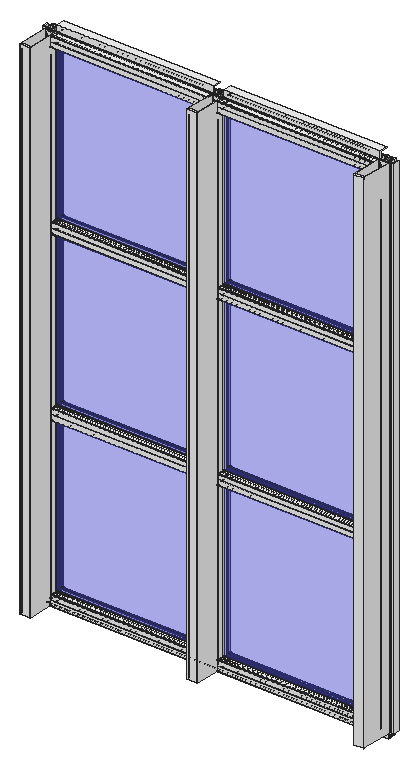
Revit family "Facade_60_Curtain_Wall_S23_Custom", category Windows, host Wall, Revit 2014 (continued)
Definition of nested family "F60 Horizontal Profile Middle_S23_Cust"
  Forms (mm)
    Extrusion 5, solid, material <- "Thermal Break Material", visible <- "Single Glazing"
      sketch origin (0, 0, 0) x (0, 1, 0) y (0, 0, 1)
        loop
          line (-47.528, 31.351) -> (-49.599, 32.353) -> (-59.3, 32.353) -> (-59.3, 34.251)
          arc (-59.3, 34.251) -> (-59.446, 34.604) -> (-59.8, 34.751) r 0.5
          line (-59.8, 34.751) -> (-63.3, 34.751)
          arc (-63.3, 34.751) -> (-63.654, 34.604) -> (-63.8, 34.251) r 0.5
          line (-63.8, 34.251) -> (-63.8, 32.328) -> (-62.4, 31.52) -> (-62.4, 28.483) -> (-63.8, 27.673) -> (-63.8, 25.751)
        loop
          line (-59.794, 28.506) -> (-59.006, 29.294)
          arc (-59.006, 29.294) -> (-58.788, 29.618) -> (-58.713, 30.001) r 0.986
          arc (-58.713, 30.001) -> (-58.79, 30.384) -> (-59.008, 30.71) r 1.007
          line (-59.008, 30.71) -> (-59.794, 31.496) -> (-60.65, 31.496)
          arc (-60.65, 31.496) -> (-61.004, 31.349) -> (-61.15, 30.996) r 0.5
          line (-61.15, 30.996) -> (-61.15, 29.006)
          arc (-61.15, 29.006) -> (-61.004, 28.652) -> (-60.65, 28.506) r 0.5
          line (-60.65, 28.506) -> (-59.794, 28.506)
        loop
          line (-47.854, 30.898) -> (-49.415, 31.653) -> (-56.782, 31.653)
          arc (-56.782, 31.653) -> (-57.207, 31.417) -> (-57.23, 30.932) r 0.5
          arc (-57.23, 30.932) -> (-57.013, 30.001) -> (-57.23, 29.07) r 2.099
          arc (-57.23, 29.07) -> (-57.207, 28.584) -> (-56.782, 28.348) r 0.5
          line (-56.782, 28.348) -> (-49.415, 28.348) -> (-48.055, 29.007)
          arc (-48.055, 29.007) -> (-47.35, 29.888) -> (-47.854, 30.898) r 1.047
      from 0 to 250 <- "Length"
    Extrusion 6, solid, material <- "Profile Material", visible <- "Single Glazing"
      sketch origin (0, 0, 0) x (0, 1, 0) y (0, 0, 1)
        loop
          line (-63.8, 52.694) -> (-64.8, 52.694) -> (-64.8, 51.544) -> (-66.05, 51.544) -> (-66.05, 57.044) -> (-64.8, 57.044) -> (-64.8, 55.894) -> (-63.8, 55.894) -> (-63.8, 58.294)
          arc (-63.8, 58.294) -> (-64.082, 58.803) -> (-64.664, 58.835) r 0.6
          line (-64.664, 58.835) -> (-66.562, 57.91) -> (-67.088, 58.988) -> (-68.05, 58.519) -> (-68.05, 48.513)
          arc (-68.05, 48.513) -> (-67.874, 48.089) -> (-67.45, 47.913) r 0.6
          line (-67.45, 47.913) -> (-66.6, 47.913) -> (-66.6, 12.09) -> (-67.45, 12.09)
          arc (-67.45, 12.09) -> (-67.874, 11.914) -> (-68.05, 11.49) r 0.6
          line (-68.05, 11.49) -> (-68.05, 1.485) -> (-67.088, 1.016) -> (-66.562, 2.095) -> (-64.663, 1.169)
          arc (-64.663, 1.169) -> (-64.082, 1.2) -> (-63.8, 1.709) r 0.6
          line (-63.8, 1.709) -> (-63.8, 4.109) -> (-64.8, 4.109) -> (-64.8, 2.959) -> (-66.05, 2.959) -> (-66.05, 8.459) -> (-64.8, 8.459) -> (-64.8, 7.309) -> (-63.8, 7.309) -> (-63.8, 27.674) -> (-62.4, 28.483) -> (-62.4, 31.521) -> (-63.8, 32.329) -> (-63.8, 52.694)
      from 0 to 250 <- "Length"
    Extrusion 7, solid, material <- "Profile Material", visible <- "Single Glazing"
      sketch origin (0, 0, 0) x (0, 1, 0) y (0, 0, 1)
        loop
          line (-68.551, 3.3) -> (-76.559, 3.3) -> (-76.559, 30) -> (-76.559, 56.15)
          arc (-76.559, 56.15) -> (-75.739, 58.13) -> (-73.759, 58.95) r 2.8
          line (-73.759, 58.95) -> (-69.151, 58.95) -> (-69.151, 57.2)
          arc (-69.151, 57.2) -> (-68.987, 56.829) -> (-68.601, 56.703) r 0.5
          arc (-68.601, 56.703) -> (-68.216, 56.829) -> (-68.051, 57.2) r 0.5
          line (-68.051, 57.2) -> (-68.051, 58.517) -> (-67.089, 58.986) -> (-66.563, 57.907) -> (-63.866, 59.222)
          arc (-63.866, 59.222) -> (-64.001, 59.762) -> (-64.504, 60) r 0.65
          line (-64.504, 60) -> (-73.859, 60)
          arc (-73.859, 60) -> (-76.687, 58.828) -> (-77.859, 56) r 4
          line (-77.859, 56) -> (-77.859, 30) -> (-77.859, 2.493)
          arc (-77.859, 2.493) -> (-77.197, 0.799) -> (-75.562, 0.002) r 2.5
          arc (-75.562, 0.002) -> (-75.182, 0.132) -> (-75.021, 0.5) r 0.5
          line (-75.021, 0.5) -> (-75.021, 2) -> (-69.151, 2) -> (-69.151, 0.5)
          arc (-69.151, 0.5) -> (-69.005, 0.146) -> (-68.651, 0) r 0.5
          line (-68.651, 0) -> (-64.504, 0)
          arc (-64.504, 0) -> (-64.001, 0.238) -> (-63.866, 0.778) r 0.65
          line (-63.866, 0.778) -> (-66.563, 2.093) -> (-67.089, 1.014) -> (-68.051, 1.483) -> (-68.051, 2.8)
          arc (-68.051, 2.8) -> (-68.198, 3.154) -> (-68.551, 3.3) r 0.5
      from 0 to 250 <- "Length"
    Extrusion 8, solid, material <- "Thermal Break Material", visible <- "Double Glazing"
      sketch origin (0, 0, 0) x (0, 1, 0) y (0, 0, 1)
        loop
          line (-77.8, 27.673) -> (-77.8, 25.751)
          arc (-77.8, 25.751) -> (-77.654, 25.397) -> (-77.3, 25.251) r 0.5
          line (-77.3, 25.251) -> (-59.8, 25.251)
          arc (-59.8, 25.251) -> (-59.446, 25.397) -> (-59.3, 25.751) r 0.5
          line (-59.3, 25.751) -> (-59.3, 27.647) -> (-49.599, 27.647) -> (-47.528, 28.649)
          arc (-47.528, 28.649) -> (-46.803, 29.999) -> (-47.528, 31.349) r 1.62
          line (-47.528, 31.349) -> (-49.602, 32.353) -> (-59.3, 32.353) -> (-59.3, 34.251)
          arc (-59.3, 34.251) -> (-59.446, 34.604) -> (-59.8, 34.751) r 0.5
          line (-59.8, 34.751) -> (-77.3, 34.751)
          arc (-77.3, 34.751) -> (-77.654, 34.604) -> (-77.8, 34.251) r 0.5
          line (-77.8, 34.251) -> (-77.8, 32.327) -> (-76.4, 31.52) -> (-76.4, 28.482) -> (-77.8, 27.673)
        loop
          line (-59.006, 30.708) -> (-61.156, 32.858)
          arc (-61.156, 32.858) -> (-61.48, 33.074) -> (-61.863, 33.151) r 1
          line (-61.863, 33.151) -> (-73.8, 33.151)
          arc (-73.8, 33.151) -> (-74.507, 32.858) -> (-74.8, 32.151) r 1
          line (-74.8, 32.151) -> (-74.8, 27.851)
          arc (-74.8, 27.851) -> (-74.507, 27.144) -> (-73.8, 26.851) r 1
          line (-73.8, 26.851) -> (-61.863, 26.851)
          arc (-61.863, 26.851) -> (-61.48, 26.927) -> (-61.156, 27.144) r 1
          line (-61.156, 27.144) -> (-59.006, 29.294)
          arc (-59.006, 29.294) -> (-58.788, 29.618) -> (-58.713, 30.001) r 0.986
          arc (-58.713, 30.001) -> (-58.79, 30.383) -> (-59.006, 30.708) r 1.007
        loop
          line (-56.782, 28.347) -> (-49.415, 28.347) -> (-48.055, 29.005)
          arc (-48.055, 29.005) -> (-47.35, 29.887) -> (-47.854, 30.896) r 1.047
          line (-47.854, 30.896) -> (-49.415, 31.652) -> (-56.782, 31.652)
          arc (-56.782, 31.652) -> (-57.207, 31.416) -> (-57.23, 30.93) r 0.5
          arc (-57.23, 30.93) -> (-57.013, 29.999) -> (-57.23, 29.068) r 2.099
          arc (-57.23, 29.068) -> (-57.207, 28.583) -> (-56.782, 28.347) r 0.5
      from 0 to 250 <- "Length"
    Extrusion 9, solid, material <- "Profile Material", visible <- "Double Glazing"
      sketch origin (0, 0, 0) x (0, 1, 0) y (0, 0, 1)
        loop
          line (-77.8, 52.694) -> (-78.8, 52.694) -> (-78.8, 51.544) -> (-80.05, 51.544) -> (-80.05, 57.044) -> (-78.8, 57.044) -> (-78.8, 55.894) -> (-77.8, 55.894) -> (-77.8, 58.294)
          arc (-77.8, 58.294) -> (-78.082, 58.802) -> (-78.664, 58.834) r 0.6
          line (-78.664, 58.834) -> (-80.562, 57.909) -> (-81.088, 58.988) -> (-82.05, 58.518) -> (-82.05, 48.512)
          arc (-82.05, 48.512) -> (-81.874, 48.088) -> (-81.45, 47.912) r 0.6
          line (-81.45, 47.912) -> (-80.6, 47.912) -> (-80.6, 12.089) -> (-81.45, 12.089)
          arc (-81.45, 12.089) -> (-81.874, 11.913) -> (-82.05, 11.489) r 0.6
          line (-82.05, 11.489) -> (-82.05, 1.484) -> (-81.088, 1.015) -> (-80.562, 2.094) -> (-78.663, 1.169)
          arc (-78.663, 1.169) -> (-78.082, 1.199) -> (-77.8, 1.708) r 0.6
          line (-77.8, 1.708) -> (-77.8, 4.108) -> (-78.8, 4.108) -> (-78.8, 2.958) -> (-80.05, 2.958) -> (-80.05, 8.458) -> (-78.8, 8.458) -> (-78.8, 7.308) -> (-77.8, 7.308) -> (-77.8, 27.673) -> (-76.4, 28.482) -> (-76.4, 31.52) -> (-77.8, 32.328) -> (-77.8, 52.694)
      from 0 to 250 <- "Length"
    Extrusion 10, solid, material <- "Profile Material", visible <- "Double Glazing"
      sketch origin (0, 0, 0) x (0, 1, 0) y (0, 0, 1)
        loop
          line (-82.551, 3.3) -> (-90.558, 3.3) -> (-90.558, 30) -> (-90.558, 56.15)
          arc (-90.558, 56.15) -> (-89.738, 58.13) -> (-87.758, 58.95) r 2.8
          line (-87.758, 58.95) -> (-83.151, 58.95) -> (-83.151, 57.2)
          arc (-83.151, 57.2) -> (-82.986, 56.829) -> (-82.601, 56.703) r 0.5
          arc (-82.601, 56.703) -> (-82.215, 56.829) -> (-82.051, 57.2) r 0.5
          line (-82.051, 57.2) -> (-82.051, 58.517) -> (-81.088, 58.986) -> (-80.563, 57.907) -> (-77.866, 59.222)
          arc (-77.866, 59.222) -> (-78, 59.762) -> (-78.503, 60) r 0.65
          line (-78.503, 60) -> (-87.858, 60)
          arc (-87.858, 60) -> (-90.687, 58.828) -> (-91.858, 56) r 4
          line (-91.858, 56) -> (-91.858, 30) -> (-91.858, 2.493)
          arc (-91.858, 2.493) -> (-91.196, 0.799) -> (-89.561, 0.002) r 2.5
          arc (-89.561, 0.002) -> (-89.182, 0.132) -> (-89.021, 0.5) r 0.5
          line (-89.021, 0.5) -> (-89.021, 2) -> (-83.151, 2) -> (-83.151, 0.5)
          arc (-83.151, 0.5) -> (-83.004, 0.146) -> (-82.651, 0) r 0.5
          line (-82.651, 0) -> (-78.503, 0)
          arc (-78.503, 0) -> (-78, 0.238) -> (-77.866, 0.778) r 0.65
          line (-77.866, 0.778) -> (-80.563, 2.093) -> (-81.088, 1.014) -> (-82.051, 1.483) -> (-82.051, 2.8)
          arc (-82.051, 2.8) -> (-82.197, 3.154) -> (-82.551, 3.3) r 0.5
      from 0 to 250 <- "Length"
  Dimensions and locks
    aligned and locked: level to plane 2
